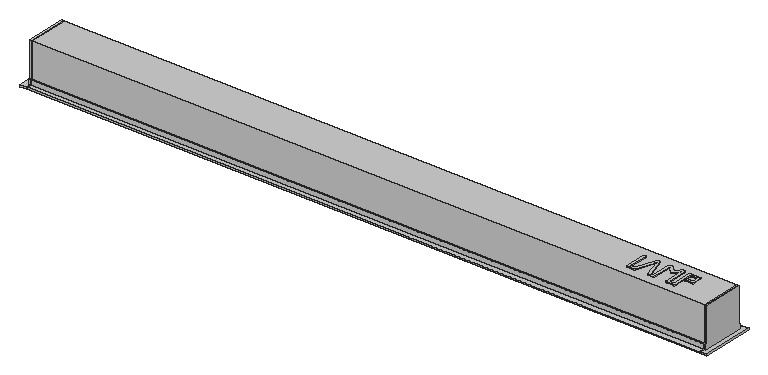
Revit family "LAMP_FIL 70 OPAL RECESSED DALI", category Luminarias, Revit 2015
Parameters (values of type "1162MM 2600LM 3000K GREY")
  Ángulo de inclinación = 90.00°
  Weight = 2.662 kg
  Wattage = 19.2 W
  UniClass 2.0 Descripción = ""
  UniClass 2.0 Code = Product code  # "F71RE120LOOP830DG"
  UniClass 1.4 Descripción = ""
  UniClass 1.4 Code = Product code  # "F71RE120LOOP830DG"
  Type = "MID POWER PHILIPS"
  Recessed dimensions = "1174 x 78 x 85 mm"
  built-in parameter 1150110 = 1 (stored number, unit not read)
  Protection rating = "IP42, IK06"
  Product datasheet = "https://www.lamp.es/product-files/TECH/F71RE120LOOP830DG-EN.pdf"
  Product code = "F71RE120LOOP830DG"
  Product URL = "https://www.lamp.es/en/family/fil-70_33399"
  Power Supply = "220-240V 50-60Hz"
  Power = 17 W
  Plum = 19.2 W
  Omniclass Descripción = ""
  OmniClass Code = ""
  NO COVER 2 [instance] = not(END COVER 2)  # no
  NO COVER 1 [instance] = not(END COVER 1)  # no
  Modelo = Product code  # "F71RE120LOOP830DG"
  Model explanation = "Availability of switching between accessories through visibility parameters when placed in a project."
  Material Perfil = LAMP_Aluminio Perfil Fil GR
  Material Difusor = LAMP_PC Difusor Opal Fil
  Manufacturer name = "LAMP"
  Manufacturer country = "Spain"
  Manufacturer URL = "http://www.lamp.es/en"
  MacAdam = "3"
  Lámpara = "LED MID-POWER"
  Luminaire type = "Indoor - Modular System"
  Longitud = 1162.00 mm
  Last update = "12/08/2020"
  LED Lifetime = "60.000 L80 B10"
  Insulation class = "I"
  Installation instructions = "https://www.lamp.es/product-files/INS/1002960-J-INSTR.%20ESTRUCTURA%20FIL%2070.pdf"
  IFC Clasificación = "Light Fixture"
  IEE = "A+"
  Gear = "Adjustable DALI"
  Finish = "Gloss grey"
  built-in parameter 1114217 = 1 (stored number, unit not read)
  built-in parameter 1150109 = 1 (stored number, unit not read)
  Fabricante = Manufacturer name  # "LAMP"
  Efficacy = 103.8 lm/W
  END COVER 2 [instance] = yes
  END COVER 1 [instance] = yes
  Dimensions = "1162 x 89 x 70 mm"
  Descripción = "FIL 70 OPAL REC 2600 WW DALI GR."
  Comentarios de tipo = Model explanation  # "Availability of switching between accessories through visibility parameters when placed in a project."
  built-in parameter 1150134 = (empty or 0)
  built-in parameter 1150113 = 1 (stored number, unit not read)
  Lumens = 1992.96 lm
  built-in parameter 1150115 = 1 (stored number, unit not read)
  built-in parameter 1150105 = 733.15 (stored number, unit not read)
  built-in parameter 1150137 = (empty or 0)
  built-in parameter 1150139 = (empty or 0)
  built-in parameter 1150112 = 1 (stored number, unit not read)
  built-in parameter 1150114 = 1 (stored number, unit not read)
  built-in parameter 1150132 = 2
  built-in parameter 1150102 = (empty or 0)
  built-in parameter 1150138 = (empty or 0)
  built-in parameter 1150107 = 3000 (stored number, unit not read)
  built-in parameter 1150106 = 7.3315 (stored number, unit not read)
  Emit from Line Length = Longitud  # 1162.00 mm
  built-in parameter 1150104 = 9.6433 (stored number, unit not read)
  Dimming Lamp Color Temperature Shift = (empty or 0)
  Color Filter = 16777215
  built-in parameter 1114218 = 1 (stored number, unit not read)
  CRI = "80"
  CORNER 2 RIGHT [instance] = and(NO COVER 2, ACC CORNER 2, not(CORNER 2 LEFT))  # no
  CORNER 2 LEFT [instance] = and(NO COVER 2, ACC CORNER 2, CHANGE SIDE CORNER 2)  # no
  CORNER 1 RIGHT [instance] = and(NO COVER 1, ACC CORNER 1, not(CORNER 1 LEFT))  # no
  CORNER 1 LEFT [instance] = and(NO COVER 1, ACC CORNER 1, CHANGE SIDE CORNER 1)  # no
  CHANGE SIDE CORNER 2 [instance] = no
  CHANGE SIDE CORNER 1 [instance] = no
  Archivo de red fotométrica = "4741693.IES"
  ACC CORNER 2 [instance] = no
  ACC CORNER 1 [instance] = no
  built-in parameter 1150133 = 10 (stored number, unit not read)
Types (17, lengths in mm): name | Weight | Wattage | UniClass 2.0 Code | UniClass 1.4 Code | Recessed dimensions | Product datasheet | Product code | Power | Plum | Modelo | Material Perfil | Manufacturer name | Longitud | LED Lifetime | IEE | Finish | Fabricante | Efficacy | Dimensions | Descripción | built-in parameter 1150134 | Lumens | built-in parameter 1150105 | built-in parameter 1150107 | built-in parameter 1150106 | Emit from Line Length | built-in parameter 1150104 | Archivo de red fotométrica
  (no name) | 2.662 kg | 19.2 W | "F71RE120LOOP830DG" | "F71RE120LOOP830DG" | "1174 x 78 x 85 mm" | "https://www.lamp.es/product-files/TECH/F71RE120LOOP830DG-EN.pdf" | "F71RE120LOOP830DG" | 17 W | 19.2 W | "F71RE120LOOP830DG" | LAMP_Aluminio Perfil Fil GR | "LAMP" | 1162.00 | "60.000 L80 B10" | "A+" | "Gloss grey" | "LAMP" | 103.8 lm/W | "1162 x 89 x 70 mm" | "FIL 70 OPAL REC 2600 WW DALI GR." | (empty or 0) | 1992.96 lm | 733.15 (stored number, unit not read) | 3000 (stored number, unit not read) | 7.3315 (stored number, unit not read) | 1162.00 | 9.6433 (stored number, unit not read) | "4741693.IES"
  1162MM 2600LM 3000K WHITE | 2.662 kg | 19.2 W | "F71RE120LOOP830DW" | "F71RE120LOOP830DW" | "1174 x 78 x 85 mm" | "https://www.lamp.es/product-files/TECH/F71RE120LOOP830DW-EN.pdf" | "F71RE120LOOP830DW" | 17 W | 19.2 W | "F71RE120LOOP830DW" | LAMP_Aluminio Perfil Fil BL | "LAMP" | 1162.00 | "60.000 L80 B10" | "A+" | "Matt white" | "LAMP" | 103.8 lm/W | "1162 x 89 x 70 mm" | "FIL 70 OPAL REC 2600 WW DALI WH." | (empty or 0) | 1992.96 lm | 733.15 (stored number, unit not read) | 3000 (stored number, unit not read) | 7.3315 (stored number, unit not read) | 1162.00 | 9.6433 (stored number, unit not read) | "4741690.IES"
  1162MM 2600LM 3000K GREY | 2.662 kg | 19.2 W | "F71RE120LOOP830DG" | "F71RE120LOOP830DG" | "1174 x 78 x 85 mm" | "https://www.lamp.es/product-files/TECH/F71RE120LOOP830DG-EN.pdf" | "F71RE120LOOP830DG" | 17 W | 19.2 W | "F71RE120LOOP830DG" | LAMP_Aluminio Perfil Fil GR | "LAMP" | 1162.00 | "60.000 L80 B10" | "A+" | "Gloss grey" | "LAMP" | 103.8 lm/W | "1162 x 89 x 70 mm" | "FIL 70 OPAL REC 2600 WW DALI GR." | (empty or 0) | 1992.96 lm | 733.15 (stored number, unit not read) | 3000 (stored number, unit not read) | 7.3315 (stored number, unit not read) | 1162.00 | 9.6433 (stored number, unit not read) | "4741693.IES"
  1162MM 2600LM 4000K WHITE | 2.662 kg | 19.2 W | "F71RE120LOOP840DW" | "F71RE120LOOP840DW" | "1174 x 78 x 85 mm" | "https://www.lamp.es/product-files/TECH/F71RE120LOOP840DW-EN.pdf" | "F71RE120LOOP840DW" | 17 W | 19.2 W | "F71RE120LOOP840DW" | LAMP_Aluminio Perfil Fil BL | "LAMP" | 1162.00 | "60.000 L80 B10" | "A++" | "Matt white" | "LAMP" | 111.6 lm/W | "1162 x 89 x 70 mm" | "FIL 70 OPAL REC 2600 NW DALI WH." | 12 | 2142.72 lm | 793.76 (stored number, unit not read) | 4000 (stored number, unit not read) | 7.9376 (stored number, unit not read) | 1162.00 | 10.368 (stored number, unit not read) | "4740690.IES"
  1162MM 2600LM 4000K GREY | 2.662 kg | 19.2 W | "F71RE120LOOP840DG" | "F71RE120LOOP840DG" | "1174 x 78 x 85 mm" | "https://www.lamp.es/product-files/TECH/F71RE120LOOP840DG-EN.pdf" | "F71RE120LOOP840DG" | 17 W | 19.2 W | "F71RE120LOOP840DG" | LAMP_Aluminio Perfil Fil GR | "LAMP" | 1162.00 | "60.000 L80 B10" | "A++" | "Gloss grey" | "LAMP" | 111.6 lm/W | "1162 x 89 x 70 mm" | "FIL 70 OPAL REC 2600 NW DALI GR." | 12 | 2142.72 lm | 793.76 (stored number, unit not read) | 4000 (stored number, unit not read) | 7.9376 (stored number, unit not read) | 1162.00 | 10.368 (stored number, unit not read) | "4740693.IES"
  1162MM 4400LM 3000K WHITE | 2.662 kg | 30.7 W | "F71RE120HOOP830DW" | "F71RE120HOOP830DW" | "1174 x 78 x 85 mm" | "https://www.lamp.es/product-files/TECH/F71RE120HOOP830DW-EN.pdf" | "F71RE120HOOP830DW" | 28 W | 30.7 W | "F71RE120HOOP830DW" | LAMP_Aluminio Perfil Fil BL | "LAMP" | 1162.00 | "60.000 L80 B10" | "A++" | "Matt white" | "LAMP" | 109.8 lm/W | "1162 x 89 x 70 mm" | "FIL 70 OPAL REC 4400 WW DALI WH." | (empty or 0) | 3370.86 lm | 1240.1 (stored number, unit not read) | 3000 (stored number, unit not read) | 12.401 (stored number, unit not read) | 1162.00 | 10.201 (stored number, unit not read) | "4741590.IES"
  1162MM 4400LM 3000K GREY | 2.662 kg | 30.7 W | "F71RE120HOOP830DG" | "F71RE120HOOP830DG" | "1174 x 78 x 85 mm" | "https://www.lamp.es/product-files/TECH/F71RE120HOOP830DG-EN.pdf" | "F71RE120HOOP830DG" | 28 W | 30.7 W | "F71RE120HOOP830DG" | LAMP_Aluminio Perfil Fil GR | "LAMP" | 1162.00 | "60.000 L80 B10" | "A++" | "Gloss grey" | "LAMP" | 109.8 lm/W | "1162 x 89 x 70 mm" | "FIL 70 OPAL REC 4400 WW DALI GR." | (empty or 0) | 3370.86 lm | 1240.1 (stored number, unit not read) | 3000 (stored number, unit not read) | 12.401 (stored number, unit not read) | 1162.00 | 10.201 (stored number, unit not read) | "4741593.IES"
  1162MM 4400LM 4000K WHITE | 2.667 kg | 30.7 W | "F71RE120HOOP840DW" | "F71RE120HOOP840DW" | "1174 x 78 x 85 mm" | "https://www.lamp.es/product-files/TECH/F71RE120HOOP840DW-EN.pdf" | "F71RE120HOOP840DW" | 28 W | 30.7 W | "F71RE120HOOP840DW" | LAMP_Aluminio Perfil Fil BL | "LAMP" | 1162.00 | "60.000 L80 B10" | "A++" | "Matt white" | "LAMP" | 115.5 lm/W | "1162 x 89 x 70 mm" | "FIL 50 OPAL REC 4400 NW DALI WH." | 12 | 3545.85 lm | 1313.4 (stored number, unit not read) | 4000 (stored number, unit not read) | 13.134 (stored number, unit not read) | 1162.00 | 10.73 (stored number, unit not read) | "4740590.IES"
  1162MM 4400LM 4000K GREY | 2.667 kg | 30.7 W | "F71RE120HOOP840DG" | "F71RE120HOOP840DG" | "1174 x 78 x 85 mm" | "https://www.lamp.es/product-files/TECH/F71RE120HOOP840DG-EN.pdf" | "F71RE120HOOP840DG" | 28 W | 30.7 W | "F71RE120HOOP840DG" | LAMP_Aluminio Perfil Fil GR | "LAMP" | 1162.00 | "60.000 L80 B10" | "A++" | "Gloss grey" | "LAMP" | 115.5 lm/W | "1162 x 89 x 70 mm" | "FIL 70 OPAL REC 4400 NW DALI GR." | 12 | 3545.85 lm | 1313.4 (stored number, unit not read) | 4000 (stored number, unit not read) | 13.134 (stored number, unit not read) | 1162.00 | 10.73 (stored number, unit not read) | "4740593.IES"
  1743MM 3900LM 3000K WHITE | 4.271 kg | 29.7 W | "F71RE170LOOP830DW" | "F71RE170LOOP830DW" | "1755 x 78 x 85 mm" | "https://www.lamp.es/product-files/TECH/F71RE170LOOP830DW-EN.pdf" | "F71RE170LOOP830DW" | 25 W | 29.7 W | "F71RE170LOOP830DW" | LAMP_Aluminio Perfil Fil BL | "LAMP" | 1743.00 | "50.000 L80 B10" | "A+" | "Matt white" | "LAMP" | 100.6 lm/W | "1743 x 89 x 70 mm" | "FIL 70 OPAL REC 3900 WW DALI WH." | (empty or 0) | 2987.82 lm | 1099.1 (stored number, unit not read) | 3000 (stored number, unit not read) | 10.991 (stored number, unit not read) | 1743.00 | 9.346 (stored number, unit not read) | "4741700.IES"
  1743MM 3900LM 3000K GREY | 4.271 kg | 29.7 W | "F71RE170LOOP830DG" | "F71RE170LOOP830DG" | "1755 x 78 x 85 mm" | "https://www.lamp.es/product-files/TECH/F71RE170LOOP830DG-EN.pdf" | "F71RE170LOOP830DG" | 25 W | 29.7 W | "F71RE170LOOP830DG" | LAMP_Aluminio Perfil Fil GR | "LAMP" | 1743.00 | "50.000 L80 B10" | "A+" | "Gloss grey" | "LAMP" | 100.6 lm/W | "1743 x 89 x 70 mm" | "FIL 70 OPAL REC 3900 WW DALI GR." | (empty or 0) | 2987.82 lm | 1099.1 (stored number, unit not read) | 3000 (stored number, unit not read) | 10.991 (stored number, unit not read) | 1743.00 | 9.346 (stored number, unit not read) | "4741703.IES"
  1743MM 3900LM 4000K WHITE | 4.271 kg | 29.7 W | "F71RE170LOOP840DW" | "F71RE170LOOP840DW" | "1755 x 78 x 85 mm" | "https://www.lamp.es/product-files/TECH/F71RE170LOOP840DW-EN.pdf" | "F71RE170LOOP840DW" | 25 W | 29.7 W | "F71RE170LOOP840DW" | LAMP_Aluminio Perfil Fil BL | "LAMP" | 1743.00 | "50.000 L80 B10" | "A++" | "Matt white" | "LAMP" | 108.3 lm/W | "1743 x 89 x 70 mm" | "FIL 50 OPAL REC 3900 NW DALI WH." | 12 | 3216.51 lm | 1191.4 (stored number, unit not read) | 4000 (stored number, unit not read) | 11.914 (stored number, unit not read) | 1743.00 | 10.061 (stored number, unit not read) | "4740700.IES"
  1743MM 3900LM 4000K GREY | 4.271 kg | 29.7 W | "F71RE170LOOP840DG" | "F71RE170LOOP840DG" | "1755 x 78 x 85 mm" | "https://www.lamp.es/product-files/TECH/F71RE170LOOP840DG-EN.pdf" | "F71RE170LOOP840DG" | 25 W | 29.7 W | "F71RE170LOOP840DG" | LAMP_Aluminio Perfil Fil GR | "Lamp" | 1743.00 | "50.000 L80 B10" | "A++" | "Gloss grey" | "Lamp" | 108.3 lm/W | "1743 x 89 x 70 mm" | "FIL 70 OPAL REC 3900 NW DALI GR." | 12 | 3216.51 lm | 1191.4 (stored number, unit not read) | 4000 (stored number, unit not read) | 11.914 (stored number, unit not read) | 1743.00 | 10.061 (stored number, unit not read) | "4740703.IES"
  1743MM 6600LM 3000K WHITE | 4.276 kg | 45.8 W | "F71RE170HOOP830DW" | "F71RE170HOOP830DW" | "1755 x 78 x 85 mm" | "https://www.lamp.es/product-files/TECH/F71RE170HOOP830DW-EN.pdf" | "F71RE170HOOP830DW" | 41 W | 45.8 W | "F71RE170HOOP830DW" | LAMP_Aluminio Perfil Fil BL | "LAMP" | 1743.00 | "50.000 L80 B10" | "A++" | "Matt white" | "LAMP" | 110.4 lm/W | "1743 x 89 x 70 mm" | "FIL 70 OPAL REC 6600 WW DALI WH." | (empty or 0) | 5056.32 lm | 1860.1 (stored number, unit not read) | 3000 (stored number, unit not read) | 18.601 (stored number, unit not read) | 1743.00 | 10.256 (stored number, unit not read) | "4741600.IES"
  1743MM 6600LM 3000K GREY | 4.276 kg | 45.8 W | "F71RE170HOOP830DG" | "F71RE170HOOP830DG" | "1755 x 78 x 85 mm" | "https://www.lamp.es/product-files/TECH/F71RE170HOOP830DG-EN.pdf" | "F71RE170HOOP830DG" | 41 W | 45.8 W | "F71RE170HOOP830DG" | LAMP_Aluminio Perfil Fil GR | "LAMP" | 1743.00 | "50.000 L80 B10" | "A++" | "Gloss grey" | "LAMP" | 110.4 lm/W | "1743 x 89 x 70 mm" | "FIL 50 OPAL REC 6600 WW DALI GR." | (empty or 0) | 5056.32 lm | 1860.1 (stored number, unit not read) | 3000 (stored number, unit not read) | 18.601 (stored number, unit not read) | 1743.00 | 10.256 (stored number, unit not read) | "4741603.IES"
  1743MM 6600LM 4000K WHITE | 4.276 kg | 45.8 W | "F71RE170HOOP840DW" | "F71RE170HOOP840DW" | "1755 x 78 x 85 mm" | "https://www.lamp.es/product-files/TECH/F71RE170HOOP840DW-EN.pdf" | "F71RE170HOOP840DW" | 41 W | 45.8 W | "F71RE170HOOP840DW" | LAMP_Aluminio Perfil Fil BL | "LAMP" | 1743.00 | "50.000 L80 B10" | "A++" | "Matt white" | "LAMP" | 116.1 lm/W | "1743 x 89 x 70 mm" | "FIL 70 OPAL REC 6600 NW DALI WH." | 12 | 5317.38 lm | 1969.7 (stored number, unit not read) | 4000 (stored number, unit not read) | 19.697 (stored number, unit not read) | 1743.00 | 10.786 (stored number, unit not read) | "4740600.IES"
  1743MM 6600LM 4000K GREY | 4.276 kg | 45.8 W | "F71RE170HOOP840DG" | "F71RE170HOOP840DG" | "1755 x 78 x 85 mm" | "https://www.lamp.es/product-files/TECH/F71RE170HOOP840DG-EN.pdf" | "F71RE170HOOP840DG" | 41 W | 45.8 W | "F71RE170HOOP840DG" | LAMP_Aluminio Perfil Fil GR | "LAMP" | 1743.00 | "50.000 L80 B10" | "A++" | "Gloss grey" | "LAMP" | 116.1 lm/W | "1743 x 89 x 70 mm" | "FIL 50 OPAL REC 6600 NW DALI GR." | 12 | 5317.38 lm | 1969.7 (stored number, unit not read) | 4000 (stored number, unit not read) | 19.697 (stored number, unit not read) | 1743.00 | 10.786 (stored number, unit not read) | "4740603.IES"
Reference planes
  plane 1 "Eje de origen de luz (F/P)": y = 0
  plane 2 "Techo": z = 2438.4
  plane 3 "Eje de origen de luz (I/D)": x = 0
  plane 4 "Elevación de origen de luz": z = 2438.398
  plane 5: x = 1162
  plane 6: z = 2398.4
  plane 7 "Centro origen de luz": x = 581
Forms (mm)
  Extrusion 1, solid, material "LAMP_Aluminio Perfil Fil GR" <- "Material Perfil"
    sketch origin (0, 0, 200.882) x (0, 1, 0) y (0, 0, 1)
      loop
        line (45, 2237.518) -> (36.5, 2237.518) -> (36.5, 2245.518) -> (35, 2246.453) -> (35, 2305.033) -> (-35, 2305.033) -> (-35, 2246.453) -> (-36.5, 2245.518) -> (-36.5, 2237.518) -> (-45, 2237.518) -> (-45, 2235.033) -> (-34.402, 2235.033) -> (-34.402, 2237.518) -> (34.396, 2237.518) -> (34.396, 2235.018) -> (45, 2235.018) -> (45, 2237.518)
    from 0 to 1162
  Extrusion 2, solid, material "LAMP_PC Difusor Opal Fil" <- "Material Difusor"
    sketch origin (0, 0, 198.4) x (0, 1, 0) y (0, 0, 1)
      loop
        line (-34.402, 2240) -> (-34.402, 2237.516) -> (34.396, 2237.516) -> (34.396, 2240) -> (-34.402, 2240)
    from 0 to 1162
  Extrusion 3, solid, material "LAMP_Aluminio Perfil Fil GR" <- "Material Perfil"
    sketch origin (-14.588, 0, 2441.098) x (0, -1, 0) y (1, 0, 0)
      loop
        arc (17.275, 1028.459) -> (18.554, 1028.989) -> (19.083, 1030.268) r 1.808
        line (19.083, 1030.268) -> (19.083, 1041.281)
        arc (19.083, 1041.281) -> (18.734, 1042.373) -> (17.815, 1043.058) r 1.88
        line (17.815, 1043.058) -> (-14.196, 1054.073) -> (17.64, 1065.027)
        arc (17.64, 1065.027) -> (18.502, 1065.671) -> (18.83, 1066.695) r 1.764
        line (18.83, 1066.695) -> (18.83, 1074.628)
        arc (18.83, 1074.628) -> (18.312, 1075.878) -> (17.062, 1076.396) r 1.768
        line (17.062, 1076.396) -> (-14.398, 1076.396) -> (-4.438, 1086.355) -> (-14.398, 1096.315) -> (17.367, 1096.315)
        arc (17.367, 1096.315) -> (18.58, 1096.818) -> (19.083, 1098.032) r 1.717
        line (19.083, 1098.032) -> (19.083, 1110.348)
        arc (19.083, 1110.348) -> (18.539, 1111.662) -> (17.225, 1112.206) r 1.858
        line (17.225, 1112.206) -> (-12.857, 1112.206)
        arc (-12.857, 1112.206) -> (-14.127, 1112.732) -> (-14.653, 1114.002) r 1.796
        line (-14.653, 1114.002) -> (-14.653, 1122.357)
        arc (-14.653, 1122.357) -> (-14.111, 1123.664) -> (-12.803, 1124.206) r 1.849
        line (-12.803, 1124.206) -> (-6.491, 1124.206)
        arc (-6.491, 1124.206) -> (-5.191, 1123.668) -> (-4.653, 1122.368) r 1.838
        line (-4.653, 1122.368) -> (-4.653, 1114.675)
        arc (-4.653, 1114.675) -> (-2.653, 1112.675) -> (-0.653, 1114.675) r 2
        line (-0.653, 1114.675) -> (-0.653, 1126.413)
        arc (-0.653, 1126.413) -> (-1.178, 1127.681) -> (-2.446, 1128.206) r 1.793
        line (-2.446, 1128.206) -> (-16.771, 1128.206)
        arc (-16.771, 1128.206) -> (-18.102, 1127.655) -> (-18.653, 1126.324) r 1.882
        line (-18.653, 1126.324) -> (-18.653, 1110.064)
        arc (-18.653, 1110.064) -> (-18.109, 1108.75) -> (-16.795, 1108.206) r 1.858
        line (-16.795, 1108.206) -> (13.276, 1108.206)
        arc (13.276, 1108.206) -> (14.59, 1107.662) -> (15.135, 1106.347) r 1.859
        line (15.135, 1106.347) -> (15.135, 1102.233)
        arc (15.135, 1102.233) -> (14.593, 1100.926) -> (13.286, 1100.384) r 1.849
        line (13.286, 1100.384) -> (-14.97, 1100.384)
        arc (-14.97, 1100.384) -> (-19.003, 1097.483) -> (-17.533, 1092.737) r 4.253
        line (-17.533, 1092.737) -> (-11.151, 1086.355) -> (-17.533, 1079.973)
        arc (-17.533, 1079.973) -> (-19.003, 1075.228) -> (-14.97, 1072.326) r 4.253
        line (-14.97, 1072.326) -> (12.834, 1072.326)
        arc (12.834, 1072.326) -> (15.098, 1070.41) -> (13.581, 1067.861) r 2.295
        line (13.581, 1067.861) -> (-16.097, 1057.655)
        arc (-16.097, 1057.655) -> (-18.653, 1054.073) -> (-16.097, 1050.491) r 3.788
        line (-16.097, 1050.491) -> (13.877, 1040.183)
        arc (13.877, 1040.183) -> (14.788, 1039.503) -> (15.135, 1038.42) r 1.864
        line (15.135, 1038.42) -> (15.135, 1034.236)
        arc (15.135, 1034.236) -> (14.614, 1032.98) -> (13.358, 1032.459) r 1.777
        line (13.358, 1032.459) -> (-16.865, 1032.459)
        arc (-16.865, 1032.459) -> (-18.865, 1030.459) -> (-16.865, 1028.459) r 2
        line (-16.865, 1028.459) -> (17.275, 1028.459)
    from 64.818 to 65.82
Text (mm)
  text "Any modification of the parameters and properties of the LAMP BIM models must be executed and validated by the LAMP technical department.\n\nPhone: +34 93 736 68 00\n\nE-mail: lamp@lamp.es\n\n\n\nLAMP reserves the right to modify the technical specifications of its products." at (1382.462, -227.064, 2017.334), in view "Preview"
Dimensions and locks
  equal spacing: host sketch curve, plane 3 "Eje de origen de luz (I/D)", host sketch curve
  equal spacing: host sketch curve, plane 1 "Eje de origen de luz (F/P)", host sketch curve
  host sketch curve to host sketch curve = 3952.00 mm
  host sketch curve to host sketch curve = 3048.00 mm
  "Longitud": plane 3 "Eje de origen de luz (I/D)" to plane 5
  Extrusion 2 sketch curve to imposter light = 0.002 mm
  locked: plane 2 "Techo" to plane 6 at 40
  equal spacing: plane 3 "Eje de origen de luz (I/D)", plane 7 "Centro origen de luz", plane 5
  aligned and locked: plane 1 "Eje de origen de luz (F/P)" to imposter light
  aligned and locked: plane 4 "Elevación de origen de luz" to imposter light
  aligned and locked: plane 5 to Extrusion 2
  aligned and locked: plane 5 to Extrusion 1
  aligned and locked: Extrusion 2 to plane 3 "Eje de origen de luz (I/D)"
  aligned and locked: Extrusion 1 to plane 3 "Eje de origen de luz (I/D)"
  aligned and locked: imposter light to plane 7 "Centro origen de luz"
  aligned and locked: Extrusion 2 to Extrusion 1  (x2)
  aligned and locked: plane 5 to nested 1
  aligned and locked: plane 3 "Eje de origen de luz (I/D)" to nested 2
  aligned and locked: plane 5 to nested 3
  aligned and locked: plane 3 "Eje de origen de luz (I/D)" to nested 4
  aligned and locked: nested 5 to plane 5
  aligned and locked: Extrusion 3 to Extrusion 1
Automatic sketch dimensions
  Extrusion 1 sketch curve to plane 2 "Techo" = 0.00 mm  (x3)
  plane 1 "Eje de origen de luz (F/P)" to Extrusion 1 sketch curve = 45.00 mm
  Extrusion 1 sketch curve to Extrusion 1 sketch curve = 8.50 mm  (x2)
  plane 1 "Eje de origen de luz (F/P)" to Extrusion 1 sketch curve = 35.00 mm
  Extrusion 1 sketch curve to Extrusion 1 sketch curve = 2.098 mm
  plane 4 "Elevación de origen de luz" to Extrusion 1 sketch curve = 2.498 mm
  Extrusion 1 sketch curve to plane 1 "Eje de origen de luz (F/P)" = 34.396 mm
  plane 2 "Techo" to Extrusion 1 sketch curve = 8.936 mm
  Extrusion 1 sketch curve to Extrusion 1 sketch curve = 0.604 mm
  Extrusion 1 sketch curve to Extrusion 1 sketch curve = 1.50 mm
  plane 4 "Elevación de origen de luz" to Extrusion 1 sketch curve = 2.482 mm
  plane 2 "Techo" to Extrusion 1 sketch curve = 8.00 mm
  Extrusion 1 sketch curve to Extrusion 1 sketch curve = 0.936 mm  (x2)
  Extrusion 1 sketch curve to Extrusion 1 sketch curve = 58.58 mm
  plane 4 "Elevación de origen de luz" to Extrusion 2 sketch curve = 2.482 mm
  plane 1 "Eje de origen de luz (F/P)" to Extrusion 2 sketch curve = 34.402 mm
  Extrusion 2 sketch curve to plane 1 "Eje de origen de luz (F/P)" = 34.396 mm
  Extrusion 3 sketch curve to plane 1 "Eje de origen de luz (F/P)" = 18.653 mm
  Extrusion 3 sketch curve to Extrusion 3 sketch curve = 1.119 mm
  Extrusion 3 sketch curve to Extrusion 3 sketch curve = 0.00 mm  (x4)
  Extrusion 3 sketch curve to plane 1 "Eje de origen de luz (F/P)" = 16.865 mm
  Extrusion 3 sketch curve to Extrusion 3 sketch curve = 1.858 mm  (x2)
  Extrusion 3 sketch curve to Extrusion 3 sketch curve = 1.882 mm
  Extrusion 3 sketch curve to plane 1 "Eje de origen de luz (F/P)" = 16.097 mm
  Extrusion 3 sketch curve to Extrusion 3 sketch curve = 1.824 mm
  Extrusion 3 sketch curve to Extrusion 3 sketch curve = 2.563 mm
  Extrusion 3 sketch curve to Extrusion 3 sketch curve = 1.232 mm
  Extrusion 3 sketch curve to Extrusion 3 sketch curve = 2.118 mm  (x2)
  Extrusion 3 sketch curve to Extrusion 3 sketch curve = 0.572 mm  (x2)
  Extrusion 3 sketch curve to Extrusion 3 sketch curve = 0.669 mm
  Extrusion 3 sketch curve to Extrusion 3 sketch curve = 1.796 mm
  Extrusion 3 sketch curve to Extrusion 3 sketch curve = 1.849 mm  (x2)
  Extrusion 3 sketch curve to Extrusion 3 sketch curve = 6.382 mm  (x2)
  Extrusion 3 sketch curve to Extrusion 3 sketch curve = 6.313 mm
  Extrusion 3 sketch curve to plane 1 "Eje de origen de luz (F/P)" = 4.653 mm
  Extrusion 3 sketch curve to plane 1 "Eje de origen de luz (F/P)" = 4.438 mm
  Extrusion 3 sketch curve to Extrusion 3 sketch curve = 2.00 mm  (x2)
  Extrusion 3 sketch curve to Extrusion 3 sketch curve = 1.793 mm
  plane 1 "Eje de origen de luz (F/P)" to Extrusion 3 sketch curve = 12.834 mm
  plane 1 "Eje de origen de luz (F/P)" to Extrusion 3 sketch curve = 13.27 mm
  plane 1 "Eje de origen de luz (F/P)" to Extrusion 3 sketch curve = 13.276 mm
  Extrusion 3 sketch curve to Extrusion 3 sketch curve = 0.01 mm
  Extrusion 3 sketch curve to Extrusion 3 sketch curve = 0.087 mm
  Extrusion 3 sketch curve to Extrusion 3 sketch curve = 0.746 mm
  Extrusion 3 sketch curve to Extrusion 3 sketch curve = 0.606 mm
  Extrusion 3 sketch curve to Extrusion 3 sketch curve = 1.777 mm
  Extrusion 3 sketch curve to Extrusion 3 sketch curve = 4.228 mm
  Extrusion 3 sketch curve to Extrusion 3 sketch curve = 3.485 mm
  Extrusion 3 sketch curve to Extrusion 3 sketch curve = 3.327 mm
  Extrusion 3 sketch curve to Extrusion 3 sketch curve = 3.949 mm
  Extrusion 3 sketch curve to Extrusion 3 sketch curve = 3.917 mm
  Extrusion 3 sketch curve to Extrusion 3 sketch curve = 4.08 mm
  Extrusion 3 sketch curve to Extrusion 3 sketch curve = 0.574 mm
  Extrusion 3 sketch curve to Extrusion 3 sketch curve = 0.612 mm
  Extrusion 3 sketch curve to Extrusion 3 sketch curve = 1.764 mm
  Extrusion 3 sketch curve to Extrusion 3 sketch curve = 1.88 mm
  Extrusion 3 sketch curve to plane 5 = 148.129 mm
  Extrusion 3 sketch curve to Extrusion 3 sketch curve = 4.184 mm
  Extrusion 3 sketch curve to Extrusion 3 sketch curve = 2.861 mm
  Extrusion 3 sketch curve to Extrusion 3 sketch curve = 18.032 mm
  Extrusion 3 sketch curve to Extrusion 3 sketch curve = 3.582 mm
  Extrusion 3 sketch curve to Extrusion 3 sketch curve = 21.969 mm
  Extrusion 3 sketch curve to Extrusion 3 sketch curve = 1.166 mm
  Extrusion 3 sketch curve to Extrusion 3 sketch curve = 2.17 mm
  Extrusion 3 sketch curve to Extrusion 3 sketch curve = 2.302 mm
  Extrusion 3 sketch curve to Extrusion 3 sketch curve = 0.184 mm  (x2)
  Extrusion 3 sketch curve to Extrusion 3 sketch curve = 4.114 mm
  Extrusion 3 sketch curve to Extrusion 3 sketch curve = 2.142 mm
  Extrusion 3 sketch curve to Extrusion 3 sketch curve = 0.673 mm
  Extrusion 3 sketch curve to Extrusion 3 sketch curve = 8.355 mm
Nested families
  nested 1: "LAMP_FIL + ACC END COVER RECESSED" at (1162, 0, 2435.9), Material <- "Material Perfil", visible <- "END COVER 1", type "GREY"
    with Material LAMP_Aluminio Perfil Fil GR
  nested 2: "LAMP_FIL + ACC END COVER RECESSED" at (0, 0, 2435.9) x (-1, 0, 0) z (0, 0, 1), Material <- "Material Perfil", visible <- "END COVER 2", type "GREY"
    with Material LAMP_Aluminio Perfil Fil GR
  nested 3: "LAMP_FIL + LED ACC RECESSED 90º CORNER" at (1162, 44.5, -1561.6), Material <- "Material Perfil", visible <- "CORNER 1 RIGHT", type "GREY"
    with Material LAMP_Aluminio Perfil Fil GR
  nested 4: "LAMP_FIL + LED ACC RECESSED 90º CORNER" at (0, 44.5, -1561.6) x (-1, 0, 0) z (0, 0, 1), Material <- "Material Perfil", visible <- "CORNER 2 RIGHT", type "GREY"
    with Material LAMP_Aluminio Perfil Fil GR
  nested 5: "LAMP_FIL + LED ACC RECESSED 90º CORNER" at (1262, 55.5, -1561.6) x (0, -1, 0) z (0, 0, 1), Material <- "Material Perfil", visible <- "CORNER 1 LEFT", type "GREY"
    with Material LAMP_Aluminio Perfil Fil GR
  nested 6: "LAMP_FIL + LED ACC RECESSED 90º CORNER" at (-100, 55.5, -1561.6) x (0, -1, 0) z (0, 0, 1), Material <- "Material Perfil", visible <- "CORNER 2 LEFT", type "GREY"
    with Material LAMP_Aluminio Perfil Fil GR
Connectors
  electrical at (20, 0, 2505.916)
    settings: on Extrusion 1, index 1, voltage 240 V, apparent load 0 VA, apparent load phase1 0 VA, apparent load phase2 0 VA, apparent load phase3 0 VA, power factor 1, load classification "Iluminación", number of poles 1, system type 31, power factor state 1, is connector primary yes, connector utility no, sub classification motor no, connector description ""
Definition of nested family "LAMP_FIL + ACC END COVER RECESSED"
  Parameters (values of type "WHITE")
    Weight = 0.049 kg
    Product datasheet = "http://www.lamp.es/product-files/TECH/4700680-EN.pdf"
    Product code = "4700680\r\n4700680\r\n4700680\r\n4700680"
    Model = Product code  # "4700680\r\n4700680\r\n4700680\r\n4700680"
    Material [instance] = none
    Manufacturer name = "LAMP"
    Manufacturer country = "Spain"
    Manufacturer URL = "http://www.lamp.es/en"
    Luminaire type = "Assembly"
    Last update = "09/05/2018"
    Installation instructions = ""
    Finish = "Matt white"
    Manufacturer = Manufacturer name  # "LAMP"
    Description = "FIL + ACC. REC END COVER WH."
  Types (3, lengths in mm): name | Product datasheet | Product code | Model | Finish | Description
    (no name) | "http://www.lamp.es/product-files/TECH/4700680-EN.pdf" | "4700680\r\n4700680\r\n4700680\r\n4700680" | "4700680\r\n4700680\r\n4700680\r\n4700680" | "Matt white" | "FIL + ACC. REC END COVER WH."
    GREY | "http://www.lamp.es/product-files/TECH/4700683-EN.pdf" | "4700683" | "4700683" | "Gloss grey" | "FIL + ACC. REC END COVER GR."
    WHITE | "http://www.lamp.es/product-files/TECH/4700680-EN.pdf" | "4700680\r\n4700680\r\n4700680\r\n4700680" | "4700680\r\n4700680\r\n4700680\r\n4700680" | "Matt white" | "FIL + ACC. REC END COVER WH."
  Reference planes
    plane 1 "Centro (Frontal/Posterior)": y = 0
    plane 2: z = 0
    plane 3 "Centro (Izquierda/Derecha)": x = 0
  Forms (mm)
    Extrusion 1, solid, material <- "Material"
      sketch origin (0, 0, 0) x (1, 0, 0) y (0, 0, 1)
        loop
          line (0, 0) -> (11, 0) -> (11, 2.5) -> (3, 2.5) -> (3, 70) -> (0, 70) -> (0, 0)
      from 45 to -45
    Extrusion 2, void
      sketch origin (0, -11, 0) x (0, -1, 0) y (0, 0, -1)
        loop
          line (34, -2.5) -> (25.5, -2.5) -> (25.5, -10.5) -> (24, -11.436) -> (24, -71.895) -> (34, -71.895) -> (34, -2.5)
      from 3 to 0
    Extrusion 3, void
      sketch origin (0, 11, 0) x (0, 1, 0) y (0, 0, 1)
        loop
          line (34, 2.5) -> (34, 71.895) -> (24, 71.895) -> (24, 11.436) -> (25.5, 10.5) -> (25.5, 2.5) -> (34, 2.5)
      from 3 to 0
  Cuts and joins
    Extrusion 2, Extrusion 3 cuts Extrusion 1
  Text (mm)
    text "Any modification of the parameters and properties of the LAMP BIM models must be executed and validated by the LAMP technical department.\n\nPhone: +34 93 736 68 00\n\nE-mail: lamp@lamp.es\n\n\n\nLAMP reserves the right to modify the technical specifications of its products." at (44012.343, -44329.051, 16742.06), in view "Preview"
  Dimensions and locks
    aligned and locked: level to plane 2
Definition of nested family "LAMP_FIL + LED ACC RECESSED 90º CORNER"
  Parameters (values of type "WHITE")
    Weight = 0.24 kg
    Product datasheet = "http://www.lamp.es/product-files/TECH/4700120-EN.pdf"
    Product code = "4700120"
    Model = Product code  # "4700120"
    Material [instance] = none
    Manufacturer name = "LAMP"
    Manufacturer country = "Spain"
    Manufacturer URL = "http://www.lamp.es/en"
    Last update = "09/05/2018"
    Installation instructions = ""
    Finish = "Matt white"
    Manufacturer = Manufacturer name  # "LAMP"
    Description = "FIL + ACC. REC 90º CORNER WH."
    Accessory Type = "Assembly"
  Types (2, lengths in mm): name | Product datasheet | Product code | Model | Finish | Description
    GREY | "http://www.lamp.es/product-files/TECH/4700123-EN.pdf" | "4700123" | "4700123" | "Gloss grey" | "FIL + ACC. REC 90º CORNER GR."
    WHITE | "http://www.lamp.es/product-files/TECH/4700120-EN.pdf" | "4700120" | "4700120" | "Matt white" | "FIL + ACC. REC 90º CORNER WH."
  Reference planes
    plane 1 "Eje de origen de luz (F/P)": y = 0
    plane 2: z = 0
    plane 3 "Eje de origen de luz (I/D)": x = 0
    plane 4 "Techo": z = 4000
    plane 5 "Elevación de origen de luz": z = 3700
    plane 6: x = 100.5
    plane 7: y = -100
  Forms (mm)
    Sweep 1, solid, material <- "Material"
      path origin (-10, 0, 4000) x (0, 1, 0) y (-1, 0, 0)
        loop
          line (-8, -10) -> (-8, -102) -> (-100, -102)
      profile origin (46, -8, 4000) x (0, 1, 0) y (0, 0, 1)
        loop
          line (-71.5, 67.5) -> (-71.5, 8.936) -> (-73, 8) -> (-73, 0) -> (-81.5, 0) -> (-81.5, -2.5) -> (8.5, -2.5) -> (8.5, 0) -> (0, 0) -> (0, 8) -> (-1.5, 8.936) -> (-1.5, 67.5) -> (-71.5, 67.5)
  Text (mm)
    text "Any modification of the parameters and properties of the LAMP BIM models must be executed and validated by the LAMP technical department.\n\nPhone: +34 93 736 68 00\n\nE-mail: lamp@lamp.es\n\n\n\nLAMP reserves the right to modify the technical specifications of its products." at (14238.37, -8150.626, 8855.257), in view "Preview"
  Dimensions and locks
    equal spacing: host sketch curve, plane 3 "Eje de origen de luz (I/D)", host sketch curve
    equal spacing: host sketch curve, plane 1 "Eje de origen de luz (F/P)", host sketch curve
    host sketch curve to host sketch curve = 4000.00 mm  (x2)
    locked: plane 4 "Techo" to host ceiling at 0
    plane 3 "Eje de origen de luz (I/D)" to plane 6 = 100.50 mm  (x2)
    plane 7 to plane 1 "Eje de origen de luz (F/P)" = 100.00 mm  (x2)
    plane 5 "Elevación de origen de luz" to plane 4 "Techo" = 300.00 mm
    aligned and locked: plane 3 "Eje de origen de luz (I/D)" to Sweep 1
    aligned and locked: plane 7 to Sweep 1
    aligned and locked: plane 6 to Sweep 1
